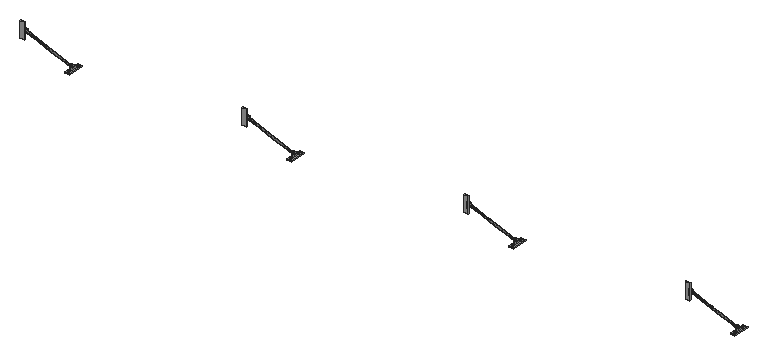
Revit family "Canopy Hanger Linear", category Generic Models, Revit 2025
Family settings
  Can host rebar = No
  Round Connector Dimension = Use Diameter
  Part Type = Normal
  Cut with Voids When Loaded = No
  Maintain Annotation Orientation = No
  Shared = No
  Room Calculation Point = No
Parameters
  Material = Laminate, Black
  built-in parameter 1001306 [instance] = 22' - 4"
  Default Space [instance] = 7' - 4"
  Default Elevation = 0' - 0"
  Count [instance] = roundup([built-in parameter 1001306] / Default Space)  # 4
Reference planes (in)
  plane 1 "Center (Front/Back)": y = 0
  plane 2: z = 0
  plane 3 "Left": x = 0
  plane 4 "Right": x = 268
  plane 5: x = 0
  plane 6: x = 88
  plane 7: x = 176
  plane 8: x = 264
Lines and regions (in)
  reference lines
    curve 1: line (0, 0, 0) -> (268, 0, 0)
Dimensions and locks (in)
  "built-in parameter 1001306": plane 3 "Left" to plane 4 "Right"
  equal spacing: group 1, group 2, group 3, group 4  (x3)
  "Default Space": plane 3 "Left" to nested 2
  equal spacing: group 5, group 6, group 7, group 8  (x3)
  "Default Space": plane 5 to plane 6
  aligned and locked: plane 4 "Right" to curve 1
  aligned and locked: plane 1 "Center (Front/Back)" to curve 1
  aligned and locked: plane 3 "Left" to curve 1
  aligned and locked: level to plane 2
Nested families (in)
  nested 1: "Canopy Hanger" at (0, 0, 0) x (-1, 0, 0) z (0, 0, 1), Material <- "Material", type "Canopy Hanger"
  nested 2: "Canopy Hanger" at (88, 0, 0) x (-1, 0, 0) z (0, 0, 1), Material <- "Material", type "Canopy Hanger"
  nested 3: "Canopy Hanger" at (176, 0, 0) x (-1, 0, 0) z (0, 0, 1), Material <- "Material", type "Canopy Hanger"
  nested 4: "Canopy Hanger" at (264, 0, 0) x (-1, 0, 0) z (0, 0, 1), Material <- "Material", type "Canopy Hanger"
Definition of nested family "Canopy Hanger"
  Parameters (values of type "Canopy Hanger")
    Material [instance] = none
    Default Elevation = 4' - 0"
  Reference planes (in)
    plane 1 "Center (Front/Back)": y = 0
    plane 2: z = 0
    plane 3 "Center (Left/Right)": x = 0
    plane 4 "face": through (-20.06626, -125.1822, -124.37036) normal (0, -0.7071, 0.7071)
    plane 5 "other": y = 25.39398
    plane 6 "connection": through (3.75167, -129.24559, -128.43376) normal (0, -0.7071, 0.7071)
    plane 7 "CENTER REF": x = 0
  Forms (in)
    Extrusion 1, solid
      sketch origin (0, 0, 0) x (1, 0, 0) y (0, 1, 0)
        loop
          line (-48, 48) -> (-48, -48) -> (48, -48) -> (48, 48) -> (-48, 48)
      from 0 to -12
  Dimensions and locks (in)
    aligned and locked: plane 2 to Extrusion 1
    aligned and locked: level to Extrusion 1
    aligned and locked: plane 1 "Center (Front/Back)" to nested 1
  Nested families (in)
    nested 1: "Base" at (0, 0, 0), type "Base"
    nested 2: "Rod" at (0, 12.33813, 13.14997) x (1, 0, 0) z (0, -0.7071, 0.7071), type "Rod"
    nested 3: "Base" at (0, 25.36641, 25.26004) x (1, 0, 0) z (0, -1, 0), type "Base"
    nested 4: "Connector" at (0, 23.34051, 23.88718) x (1, 0, 0) z (0, -0.7071, 0.7071), type "Connector"
    nested 5: "Connector" at (0, 1.38604, 1.93271) x (1, 0, 0) z (0, -0.7071, 0.7071), type "Connector"
  Definition of nested family "Base"
    Parameters (values of type "Base")
      Width = 0' - 6 7/16"
      Thickness = 0' - 0 1/2"
      Material = none
      Length = 0' - 1 7/8"
      Default Elevation = 4' - 0"
    Reference planes (in)
      plane 1 "Center (Front/Back)": y = 0
      plane 2: z = 0
      plane 3 "Center (Left/Right)": x = 0
      plane 4: x = -0.25
      plane 5: x = 0.25
      plane 6: y = -0.68819
      plane 7: z = 1.59299
      plane 8: z = 1.16984
      plane 9: z = 2.01615
    Forms (in)
      Extrusion 1, solid, material <- "Material"
        sketch origin (0, 0, 0) x (1, 0, 0) y (0, 1, 0)
          loop
            line (-0.9375, 3.21875) -> (-0.9375, -3.03125) -> (0.9375, -3.03125) -> (0.9375, 3.21875) -> (-0.9375, 3.21875)
        from 0 to 0.375
      Extrusion 2, solid, material <- "Material"
        sketch origin (0, 0, 0) x (0, 1, 0) y (0, 0, 1)
          loop
            line (-0.19875, 2.16001) -> (-0.35875, 2.26668) -> (-0.54542, 2.30668) -> (-0.89208, 2.30668) -> (-1.03875, 2.28001) -> (-1.18542, 2.21334) -> (-1.29209, 2.10667) -> (-1.37209, 1.94667) -> (-1.38542, 1.81334) -> (-1.38542, 0.37334) -> (1.68125, 0.37334) -> (-0.19875, 2.16001)
        from -0.25 to 0.25
      Extrusion 3, void
        sketch origin (0, 0, 0) x (0, 1, 0) y (0, 0, 1)
          loop
            circle (-0.68819, 1.59299) r 0.42333
        from -0.25 to 0.25
      Extrusion 4, solid, material <- "Material"
        sketch origin (0, 0, 0) x (1, 0, 0) y (0, 1, 0)
          loop
            circle (0, 2.44826) r 0.35355
          loop
            circle (0, -2.1607) r 0.35355
        from 0.375 to 0.59808
    Cuts and joins
      Extrusion 3 cuts Extrusion 2
    Dimensions and locks (in)
      "Length": Extrusion 1 sketch curve to Extrusion 1 sketch curve
      equal spacing: Extrusion 1 sketch curve, plane 3 "Center (Left/Right)", Extrusion 1 sketch curve
      equal spacing: plane 4, plane 3 "Center (Left/Right)", plane 5
      "Thickness": plane 4 to plane 5
      equal spacing: plane 9, plane 7, plane 8
      aligned and locked: plane 2 to level
      aligned and locked: plane 5 to Extrusion 2
      aligned and locked: Extrusion 2 to plane 4
    Automatic sketch dimensions
      plane 1 "Center (Front/Back)" to Extrusion 2 sketch curve = 0' - 1.38542"  (x2)
      Extrusion 2 sketch curve to Extrusion 2 sketch curve = 0' - 0.01333"
      Extrusion 2 sketch curve to Extrusion 2 sketch curve = 0' - 0.08"
      Extrusion 2 sketch curve to Extrusion 2 sketch curve = 0' - 0.10667"  (x3)
      Extrusion 2 sketch curve to Extrusion 2 sketch curve = 0' - 0.14667"  (x2)
      Extrusion 2 sketch curve to Extrusion 2 sketch curve = 0' - 0.34667"
      Extrusion 2 sketch curve to Extrusion 2 sketch curve = 0' - 0.18667"
      Extrusion 2 sketch curve to Extrusion 2 sketch curve = 0' - 0.16"  (x2)
      level to Extrusion 2 sketch curve = 0' - 1.81334"
      Extrusion 2 sketch curve to Extrusion 2 sketch curve = 0' - 0.13333"
      Extrusion 2 sketch curve to Extrusion 2 sketch curve = 0' - 0.05334"
      Extrusion 2 sketch curve to Extrusion 2 sketch curve = 0' - 0.06667"
      Extrusion 2 sketch curve to Extrusion 2 sketch curve = 0' - 0.02667"
      Extrusion 2 sketch curve to Extrusion 2 sketch curve = 0' - 0.04"
      level to Extrusion 2 sketch curve = 0' - 0.37334"
      Extrusion 2 sketch curve to plane 1 "Center (Front/Back)" = 0' - 1.68125"
      Extrusion 3 sketch curve to plane 6 = 0' - 0"
      Extrusion 3 sketch curve to plane 7 = 0' - 0"
      Extrusion 4 sketch curve to plane 3 "Center (Left/Right)" = 0' - 0"  (x2)
      plane 1 "Center (Front/Back)" to Extrusion 4 sketch curve = 0' - 2.1607"
      Extrusion 4 sketch curve to plane 1 "Center (Front/Back)" = 0' - 2.44826"
      plane 1 "Center (Front/Back)" to Extrusion 1 sketch curve = 0' - 3 1/32"
      Extrusion 1 sketch curve to plane 1 "Center (Front/Back)" = 0' - 3 7/32"
      radius of Extrusion 3 sketch curve = 0' - 0.42333"
      radius of Extrusion 4 sketch curve = 0' - 0.35355"  (x2)
  Definition of nested family "Rod"
    Parameters (values of type "Rod")
      Material = none
      Default Elevation = 4' - 0"
    Reference planes (in)
      plane 1 "Center (Front/Back)": y = 0
      plane 2: z = 0
      plane 3 "Center (Left/Right)": x = 0
    Forms (in)
      Revolve 1, solid, material <- "Material"
        sketch origin (0, 0, 0) x (0, 1, 0) y (0, 0, 1)
          loop
            line (-15.25, 0) -> (15, 0) -> (15, 0.25) -> (1.875, 0.25) -> (1.875, 0.3125) -> (-2.125, 0.3125) -> (-2.125, 0.25) -> (-15.25, 0.25) -> (-15.25, 0)
          axis (-15.25, 0) -> (15, 0)
        angle from 0 to 360
    Dimensions and locks (in)
      aligned and locked: plane 2 to level
      aligned and locked: Revolve 1 sketch curve to Revolve 1 sketch curve
  Definition of nested family "Connector"
    Parameters (values of type "Connector")
      Material = none
      Default Elevation = 4' - 0"
    Reference planes (in)
      plane 1 "Center (Front/Back)": y = 0
      plane 2: z = 0
      plane 3 "Center (Left/Right)": x = 0
      plane 4: z = 0.375
    Forms (in)
      Extrusion 1, solid, material <- "Material"
        sketch origin (0, 0, 0) x (1, 0, 0) y (0, 1, 0)
          loop
            line (-0.5, 1) -> (-0.5, -1) -> (-0.19182, -1) -> (-0.19182, -0.31494) -> (0.19182, -0.31494) -> (0.19182, -1) -> (0.5, -1) -> (0.5, 1) -> (0.19182, 1) -> (0.19182, 0.31494) -> (-0.19182, 0.31494) -> (-0.19182, 1) -> (-0.5, 1)
        from 0 to 0.375
    Dimensions and locks (in)
      equal spacing: Extrusion 1 sketch curve, plane 3 "Center (Left/Right)", Extrusion 1 sketch curve
      plane 3 "Center (Left/Right)" to Extrusion 1 sketch curve = 0' - 0 1/2"
      equal spacing: Extrusion 1 sketch curve, plane 1 "Center (Front/Back)", Extrusion 1 sketch curve
      plane 1 "Center (Front/Back)" to Extrusion 1 sketch curve = 0' - 1"
      plane 4 to plane 2 = 0' - 0 3/8"
      aligned and locked: plane 2 to level
      aligned and locked: plane 4 to Extrusion 1
